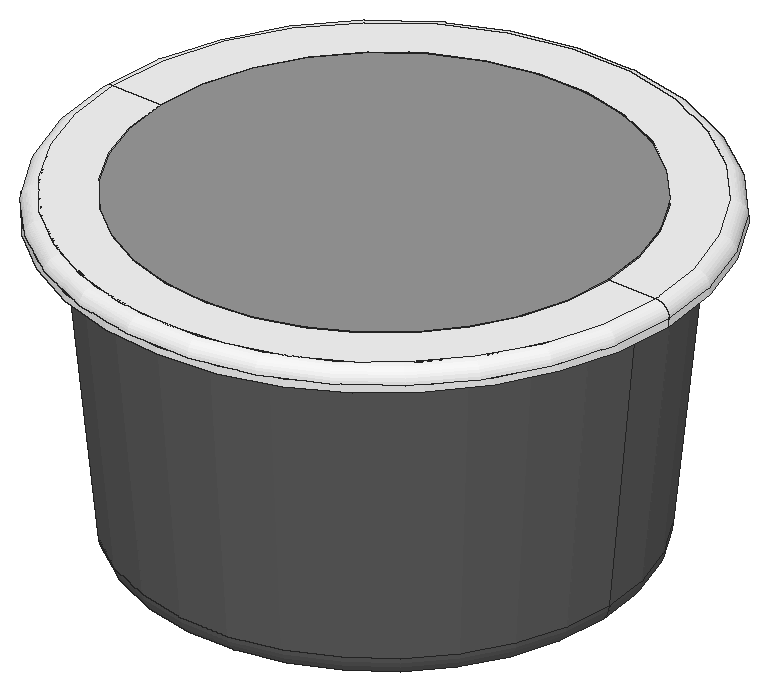
Revit family "3098119 Lighting Fixture_Sylvania_Insaver LED II 150 High_Ceiling Recessed", category Lighting Fixtures, host Face, Revit 2017
Family settings
  Host = Face
  Round Connector Dimension = Use Diameter
  Part Type = Normal
  OmniClass Number = 23.80.70.11.17
  OmniClass Title = Specialized Lighting by Location or Use
  Cut with Voids When Loaded = No
  Light Source = Yes
  Shared = No
  Room Calculation Point = No
Parameters (values of type "Insaver LED II 150 High Output NW DALI")
  Ta Rating = "0°C to 55°C"  # constant formula
  Reflector Radius = Body Radius - 2.0 mm  # 73.0 mm
  Reflector Material = Metal_Sylvania_Insaver LED II_Polished
  Radius = Diameter / 2  # 84.5 mm
  LOR = "100%"  # constant formula
  IP Rating = "IP23 (44 with accessory)"  # constant formula
  Height = 87.0 mm
  Glare Control = "UGR <19 (using accessory)"  # constant formula
  Energy Class = "A++,A+,A"  # constant formula
  Weight = 0 kg
  Wattage = 24.7423 W
  built-in parameter 1150110 = 1 (stored number, unit not read)
  Voltage Comments = "UNV (Universal Voltage; 220-240 Volt)"  # constant formula
  Voltage = 230 V  # constant formula
  URL = "http://www.sylvania-lighting.com"
  built-in parameter 1114217 = 1 (stored number, unit not read)
  Tilt Angle = -90°
  built-in parameter 1150109 = 1 (stored number, unit not read)
  built-in parameter 1150134 = 12
  built-in parameter 1150113 = 1 (stored number, unit not read)
  Product Page URL = "http://www.sylvania-lighting.com/product/en-int/products/3098119"
  Product Family = "INSAVER LED II 150"  # constant formula
  Photometry Comments = ""
  Photometric Web File = "3098117_InsaverLEDII150HighOutputNW1-10-200607.ies"
  Life = "50 000 h"  # constant formula
  Emit from Circle Diameter = Diffuser Diameter  # 133.0 mm
  Emit Shape Visible in Rendering = no
  Drive Current = "900mA"  # constant formula
  Distribution type = "Direct - symmetrical"  # constant formula
  Diffuser Material = Glass_Sylvania_Insaver LED II_4000K
  Diffuser Diameter = Diameter - 36.0 mm  # 133.0 mm
  Diameter = 169.0 mm
  Cutout Diameter = Diameter - 19.0 mm  # 150.0 mm
  Colour consistency (SDCM) = "3 step"  # constant formula
  built-in parameter 1114216 [instance] = 1 (stored number, unit not read)
  Model = "Insaver LED II 150 High Output NW DALI"
  Manufacturer = "Feilo Sylvania"
  built-in parameter 1150105 = 1629 (stored number, unit not read)
  Lumens = 2400 lm
  built-in parameter 1150115 = 1 (stored number, unit not read)
  built-in parameter 1150137 = (empty or 0)
  built-in parameter 1150139 = (empty or 0)
  built-in parameter 1150112 = 1 (stored number, unit not read)
  built-in parameter 1150114 = 1 (stored number, unit not read)
  Lamp Comments = "Integrated LED"  # constant formula
  Lamp = ""
  built-in parameter 1150132 = 2
  built-in parameter 1150102 = (empty or 0)
  built-in parameter 1150107 = 4000 (stored number, unit not read)
  built-in parameter 1150138 = (empty or 0)
  built-in parameter 1150106 = 16.29 (stored number, unit not read)
  CRI ( Ra ) = 80  # constant formula
  Body Material = Plastic_Sylvania_Insaver LED II_Black
  built-in parameter 1150104 = 9.0116 (stored number, unit not read)
  Dimming Lamp Color Temperature Shift = <None>
  Description = "Circular LED downlight with up to 114lm/W efficacy and 2,400 luminaire lumen output. Innovative easy installation system allows for a rapid, single point installation. For 150mm cut outs. IP44 or UGR<19 compliant with additional accessories. 3 hour emergency and surface mounted versions available. Plus3 version includes Wieland GST connector."  # constant formula
  Default Elevation = 0.0 mm
  Color Filter = 16777215
  Catalog Number = "3098119 Insaver LED II 150 High Output NW DALI"
  built-in parameter 1140040 [instance] = 1
  Body Radius = Cutout Diameter / 2  # 75.0 mm
  Beam Angle = 76°  # constant formula
  built-in parameter 1114218 = 1 (stored number, unit not read)
  built-in parameter 1150133 = 10 (stored number, unit not read)
  Assembly Code = "D5020200"
  Apparent Load Comments = ""
  Apparent Load = 22 VA
  Accessory Material = Plastic_Sylvania_Insaver LED II_White
Reference planes
  plane 1 "Center (Front/Back)": y = 0
  plane 2: z = 0
  plane 3 "Center (Left/Right)": x = 0
  plane 4 "Fixture Top": z = -87
  plane 5 "Fixture Bottom": z = 6
  plane 6 "Reflector Top": z = -60
Forms (mm)
  Extrusion 1, void
    sketch origin (0, 0, 0) x (1, 0, 0) y (0, 1, 0)
      loop
        circle (0, 0) r 75
    from -87 to 0
  Revolve 2, solid, material "Plastic_Sylvania_Insaver LED II_White" <- "Accessory Material", detail levels fine
    sketch origin (0, 0, 0) x (1, 0, 0) y (0, 0, 1)
      loop
        line (-84.5, 0) -> (-66.5, 0) -> (-66.5, 6) -> (-80.5, 6)
        arc (-80.5, 6) -> (-83.328, 4.828) -> (-84.5, 2) r 4
        line (-84.5, 2) -> (-84.5, 0)
      axis (0, 6) -> (0, 0)
    angle from 0 to 360
  Revolve 3, solid, material "Plastic_Sylvania_Insaver LED II_Black" <- "Body Material", detail levels fine
    sketch origin (0, 0, 0) x (1, 0, 0) y (0, 0, 1)
      loop
        line (0, -87) -> (0, -85) -> (-59.475, -85)
        arc (-59.475, -85) -> (-62.901, -83.847) -> (-64.933, -80.857) r 5.666
        arc (-64.933, -80.857) -> (-70.978, -41.634) -> (-73, -2) r 389.454
        line (-73, -2) -> (-73, 0) -> (-75, 0) -> (-75, -2)
        arc (-75, -2) -> (-73.011, -41.414) -> (-67.063, -80.428) r 391.454
        arc (-67.063, -80.428) -> (-64.495, -85.129) -> (-59.475, -87) r 7.666
        line (-59.475, -87) -> (0, -87)
      axis (0, 0) -> (0, -87)
    angle from 0 to 360
  Extrusion 4, solid, material "Glass_Sylvania_Insaver LED II_4000K" <- "Diffuser Material", detail levels fine
    sketch origin (0, 0, 0) x (1, 0, 0) y (0, 1, 0)
      loop
        circle (0, 0) r 66.5
    from 0 to 6
  Revolve 5, solid, material "Metal_Sylvania_Insaver LED II_Polished" <- "Reflector Material", detail levels fine
    sketch origin (0, 0, 0) x (1, 0, 0) y (0, 0, 1)
      loop
        line (-73, 0) -> (-73, -2)
        arc (-73, -2) -> (-46.618, -43.735) -> (0, -60) r 74.94
        line (0, -60) -> (0, -58)
        arc (0, -58) -> (-45.285, -42.24) -> (-71, -1.769) r 72.94
        line (-71, -1.769) -> (-71, 0) -> (-73, 0)
      axis (0, 0) -> (0, -60)
    angle from 0 to 360
  Revolve 6, solid, material "Plastic_Sylvania_Insaver LED II_White" <- "Accessory Material", detail levels coarse+medium
    sketch origin (0, 0, 0) x (1, 0, 0) y (0, 0, 1)
      loop
        line (0, -87) -> (0, 6) -> (-84.5, 6) -> (-84.5, 0) -> (-75, 0) -> (-75, -2)
        arc (-75, -2) -> (-73.011, -41.414) -> (-67.063, -80.428) r 391.454
        arc (-67.063, -80.428) -> (-64.495, -85.129) -> (-59.475, -87) r 7.666
        line (-59.475, -87) -> (0, -87)
      axis (0, 6) -> (0, -87)
    angle from 0 to 360
Lines and regions (mm)
  Masking region 1
    outline origin (0, 0, 0) x (1, 0, 0) y (0, 1, 0)
      loop
        circle (0, 0) r 84.5
  symbolic lines, detail levels fine
    curve 1: arc (66.5, 0, 0) -> (0, 66.5, 0) -> (-66.5, 0, 0) r 66.5
    curve 2: arc (-66.5, 0, 0) -> (0, -66.5, 0) -> (66.5, 0, 0) r 66.5
Dimensions and locks
  "Height": plane 2 to plane 4 "Fixture Top"
  plane 5 "Fixture Bottom" to plane 2 = 6.0 mm
  "Radius": plane 3 "Center (Left/Right)" to Revolve 2 sketch curve
  locked: Revolve 2 sketch curve to plane 2 at 2
  Revolve 2 sketch curve to Revolve 2 sketch curve = 18.0 mm
  "Body Radius": plane 3 "Center (Left/Right)" to Revolve 3 sketch curve
  locked: Revolve 3 sketch curve to Revolve 3 sketch curve at 2
  locked: Revolve 3 sketch curve to plane 4 "Fixture Top" at 2
  "Reflector Radius": Revolve 5 sketch curve to plane 3 "Center (Left/Right)"
  locked: Revolve 5 sketch curve to Revolve 5 sketch curve at 2
  "Radius": Revolve 6 sketch curve to imposter light
  locked: Revolve 6 sketch curve to Revolve 6 sketch curve at 9.5
  "Cutout Diameter": diameter of Extrusion 1 sketch curve
  "Diffuser Diameter": diameter of Extrusion 4 sketch curve
  aligned and locked: plane 2 to host face
  aligned and locked: level to host face
  aligned and locked: Extrusion 1 to plane 4 "Fixture Top"
  aligned and locked: plane 2 to Extrusion 1
  aligned and locked: Revolve 2 sketch curve to plane 2
  aligned and locked: Revolve 2 sketch curve to plane 5 "Fixture Bottom"
  aligned and locked: Revolve 2 sketch curve to plane 3 "Center (Left/Right)"
  aligned and locked: Revolve 3 sketch curve to plane 3 "Center (Left/Right)"  (x2)
  aligned and locked: Extrusion 4 to plane 2
  aligned and locked: plane 5 "Fixture Bottom" to Extrusion 4
  aligned and locked: plane 4 "Fixture Top" to Revolve 3 sketch curve
  aligned and locked: Revolve 3 sketch curve to plane 2
  aligned and locked: Revolve 5 sketch curve to host face
  aligned and locked: Revolve 5 sketch curve to plane 3 "Center (Left/Right)"
  aligned and locked: plane 6 "Reflector Top" to Revolve 5 sketch curve
  aligned and locked: plane 3 "Center (Left/Right)" to Revolve 5 sketch curve
  aligned and locked: imposter light to plane 3 "Center (Left/Right)"
  aligned and locked: imposter light to plane 1 "Center (Front/Back)"
  aligned and locked: imposter light to plane 5 "Fixture Bottom"
  aligned and locked: Revolve 6 sketch curve to plane 3 "Center (Left/Right)"  (x2)
  aligned and locked: plane 4 "Fixture Top" to Revolve 6 sketch curve
  aligned and locked: Revolve 6 sketch curve to imposter light
  aligned and locked: Masking region 1 sketch curve to Revolve 6  (x2)
  aligned and locked: curve 1 to Extrusion 4
  aligned and locked: curve 2 to Extrusion 4
Automatic sketch dimensions
  host sketch curve to host sketch curve = 1040.406 mm
  host sketch curve to host sketch curve = 988.385 mm
  plane 1 "Center (Front/Back)" to Extrusion 1 sketch curve = 0.0 mm
  Extrusion 1 sketch curve to plane 3 "Center (Left/Right)" = 0.0 mm
  Revolve 2 sketch curve to level = 23.903 mm
  plane 5 "Fixture Bottom" to Revolve 2 sketch curve = 38.423 mm
  Revolve 3 sketch curve to Revolve 3 sketch curve = 0.0 mm  (x4)
  Revolve 3 sketch curve to plane 3 "Center (Left/Right)" = 59.475 mm
  Revolve 3 sketch curve to level = 2.0 mm
  plane 3 "Center (Left/Right)" to Revolve 3 sketch curve = 316.454 mm
  Revolve 3 sketch curve to Revolve 3 sketch curve = 5.666 mm
  Revolve 3 sketch curve to level = 21.34 mm
  plane 5 "Fixture Bottom" to Revolve 3 sketch curve = 47.66 mm
  plane 1 "Center (Front/Back)" to Extrusion 4 sketch curve = 0.0 mm
  Extrusion 4 sketch curve to plane 3 "Center (Left/Right)" = 0.0 mm
  Revolve 5 sketch curve to Revolve 5 sketch curve = 0.0 mm
  Revolve 5 sketch curve to Revolve 5 sketch curve = 2.0 mm
  Revolve 5 sketch curve to level = 2.0 mm
  Revolve 5 sketch curve to plane 4 "Fixture Top" = 30.934 mm
  Revolve 5 sketch curve to Revolve 5 sketch curve = 27.127 mm
  Revolve 6 sketch curve to level = 0.0 mm
  plane 4 "Fixture Top" to Revolve 6 sketch curve = 7.666 mm
  Revolve 6 sketch curve to plane 3 "Center (Left/Right)" = 59.475 mm
  Revolve 6 sketch curve to level = 2.0 mm
  plane 3 "Center (Left/Right)" to Revolve 6 sketch curve = 316.454 mm
  Revolve 6 sketch curve to level = 21.34 mm
  Revolve 6 sketch curve to Revolve 6 sketch curve = 47.66 mm
Connectors
  electrical at (0, 0, -87), driven by "Voltage", driven by "Apparent Load"
    settings: index 1, voltage 230 V, apparent load 0 VA, apparent load phase1 22 VA, apparent load phase2 0 VA, apparent load phase3 0 VA, power factor 1, load classification "Lighting", number of poles 1, system type 31, power factor state 1, is connector primary yes, connector utility no, sub classification motor no, connector description ""
